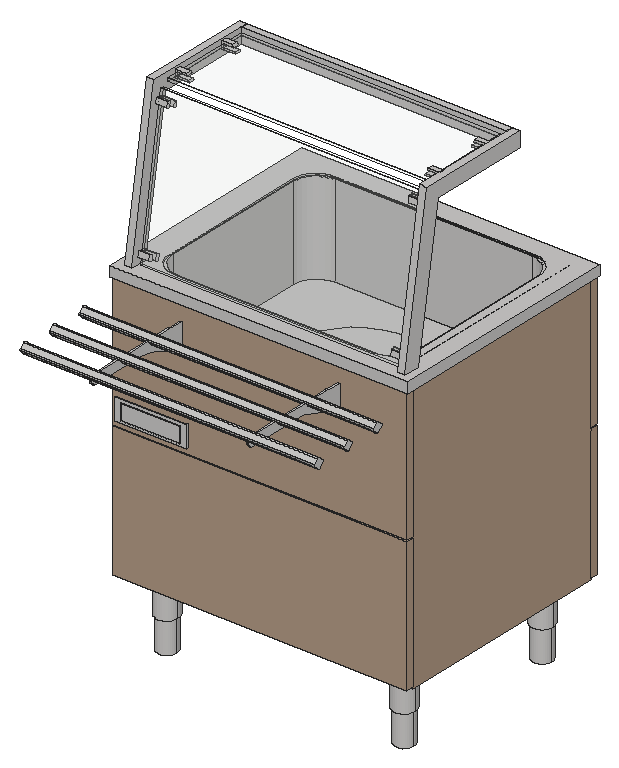
Revit family "QF_ELECTROLUXPROFESSIONAL_322081_F03H2AF01W", category Specialty Equipment, Revit 2018 (continued)
Automatic sketch dimensions
  curve 164 to curve 165 = 0 mm  (x2)
  curve 166 to curve 167 = 0 mm  (x2)
  curve 168 to curve 169 = 0 mm  (x2)
  curve 170 to curve 171 = 0 mm  (x2)
  curve 172 to curve 173 = 0 mm  (x2)
  curve 174 to curve 175 = 0 mm  (x2)
  curve 176 to curve 177 = 0 mm  (x2)
  curve 178 to curve 179 = 0 mm  (x2)
  curve 180 to curve 181 = 0 mm  (x2)
  curve 182 to curve 183 = 0 mm  (x2)
  curve 184 to curve 185 = 0 mm  (x2)
  curve 186 to curve 187 = 0 mm  (x2)
  curve 188 to curve 189 = 0 mm  (x2)
  curve 190 to curve 191 = 0 mm  (x2)
  curve 192 to curve 193 = 0 mm  (x2)
  curve 194 to curve 195 = 0 mm  (x2)
  curve 196 to curve 197 = 0 mm  (x2)
  curve 198 to curve 199 = 0 mm  (x2)
  curve 200 to curve 201 = 0 mm  (x2)
  curve 202 to curve 203 = 0 mm  (x2)
  curve 204 to curve 205 = 0 mm  (x2)
  curve 206 to curve 207 = 0 mm  (x2)
  curve 208 to curve 209 = 0 mm  (x2)
  curve 210 to curve 211 = 0 mm  (x2)
  curve 212 to curve 213 = 0 mm  (x2)
  curve 214 to curve 215 = 0 mm  (x2)
  curve 216 to curve 217 = 0 mm  (x2)
  curve 218 to curve 219 = 0 mm  (x2)
  curve 220 to curve 221 = 0 mm  (x2)
  curve 222 to curve 223 = 0 mm  (x2)
  curve 224 to curve 225 = 0 mm  (x2)
  curve 226 to curve 227 = 0 mm  (x2)
  curve 228 to curve 229 = 0 mm  (x2)
  curve 230 to curve 231 = 0 mm  (x2)
  curve 232 to curve 233 = 0 mm  (x2)
  curve 234 to curve 235 = 0 mm  (x2)
  plane 1 "Centro (Fronte/Retro)" to curve 139 = 0 mm
  plane 1 "Centro (Fronte/Retro)" to curve 136 = 0 mm
  plane 1 "Centro (Fronte/Retro)" to curve 135 = 0 mm
  plane 1 "Centro (Fronte/Retro)" to curve 98 = 0 mm
  curve 172 to plane 8 = 0 mm
  curve 100 to plane 8 = 0 mm
  curve 102 to plane 8 = 0 mm
  curve 99 to plane 8 = 0 mm
  curve 171 to plane 8 = 0 mm
  curve 104 to plane 8 = 0 mm
  curve 168 to plane 8 = 0 mm
  plane 1 "Centro (Fronte/Retro)" to curve 203 = 0 mm
  plane 1 "Centro (Fronte/Retro)" to curve 204 = 0 mm
  plane 1 "Centro (Fronte/Retro)" to curve 207 = 0 mm
  plane 8 to curve 145 = 7.654 mm
  plane 8 to curve 110 = 7.654 mm
  curve 142 to plane 39 = 1.555 mm
  plane 8 to curve 142 = 10.42 mm
  plane 38 to curve 109 = 1.555 mm
  plane 8 to curve 109 = 10.42 mm
  plane 36 to curve 141 = 3.821 mm
  plane 8 to curve 141 = 14.129 mm
  curve 106 to plane 37 = 3.821 mm
  plane 8 to curve 106 = 14.129 mm
  curve 113 to curve 110 = 6.488 mm
  curve 146 to curve 144 = 6.488 mm
  curve 132 to curve 112 = 4.335 mm
  curve 167 to curve 146 = 4.335 mm
  curve 134 to curve 166 = 1.522 mm
  plane 38 to curve 116 = 4.966 mm
  curve 116 to curve 108 = 9.668 mm
  curve 150 to plane 39 = 4.966 mm
  curve 150 to curve 142 = 9.668 mm
  curve 152 to plane 36 = 0.547 mm
  curve 152 to curve 140 = 13.754 mm
  plane 37 to curve 118 = 0.547 mm
  curve 118 to curve 106 = 13.754 mm
  curve 149 to curve 150 = 8.196 mm
  curve 114 to curve 116 = 8.196 mm
  curve 130 to curve 114 = 8.25 mm
  curve 165 to curve 148 = 8.25 mm
  curve 127 to plane 38 = 4.105 mm
  curve 127 to curve 118 = 10.401 mm
  plane 39 to curve 161 = 4.105 mm
  curve 161 to curve 152 = 10.401 mm
  curve 162 to curve 164 = 3.411 mm
  curve 128 to curve 130 = 3.411 mm
  curve 136 to curve 162 = 0.055 mm
  curve 159 to plane 39 = 3.706 mm
  curve 159 to curve 160 = 9.168 mm
  plane 38 to curve 125 = 3.706 mm
  curve 125 to curve 126 = 9.168 mm
  curve 157 to curve 158 = 7.5 mm
  curve 123 to curve 124 = 7.5 mm
  curve 120 to curve 122 = 4.368 mm
  curve 154 to curve 156 = 4.368 mm
  curve 139 to curve 154 = 0.679 mm
  curve 179 to plane 8 = 7.654 mm
  curve 213 to plane 8 = 7.654 mm
  curve 211 to plane 39 = 1.555 mm
  curve 211 to plane 8 = 10.42 mm
  plane 38 to curve 176 = 1.555 mm
  curve 176 to plane 8 = 10.42 mm
  curve 175 to plane 37 = 3.821 mm
  curve 175 to plane 8 = 14.129 mm
  plane 36 to curve 209 = 3.821 mm
  curve 209 to plane 8 = 14.129 mm
  curve 212 to curve 214 = 6.488 mm
  curve 178 to curve 180 = 6.488 mm
  curve 180 to curve 200 = 4.335 mm
  curve 214 to curve 234 = 4.335 mm
  curve 200 to curve 202 = 1.522 mm
  curve 219 to plane 39 = 4.966 mm
  curve 210 to curve 219 = 9.668 mm
  plane 38 to curve 184 = 4.966 mm
  curve 176 to curve 184 = 9.668 mm
  plane 37 to curve 187 = 0.547 mm
  curve 174 to curve 187 = 13.754 mm
  curve 221 to plane 36 = 0.547 mm
  curve 208 to curve 221 = 13.754 mm
  curve 218 to curve 217 = 8.196 mm
  curve 184 to curve 182 = 8.196 mm
  curve 216 to curve 233 = 8.25 mm
  curve 182 to curve 199 = 8.25 mm
  plane 39 to curve 229 = 4.105 mm
  curve 220 to curve 229 = 10.401 mm
  curve 195 to plane 38 = 4.105 mm
  curve 186 to curve 195 = 10.401 mm
  curve 232 to curve 231 = 3.411 mm
  curve 198 to curve 197 = 3.411 mm
  curve 196 to curve 205 = 0.055 mm
  curve 226 to plane 39 = 3.706 mm
  curve 228 to curve 226 = 9.168 mm
  plane 38 to curve 192 = 3.706 mm
  curve 194 to curve 192 = 9.168 mm
  curve 226 to curve 224 = 7.5 mm
  curve 192 to curve 191 = 7.5 mm
  curve 224 to curve 223 = 4.368 mm
  curve 190 to curve 188 = 4.368 mm
  curve 188 to curve 207 = 0.679 mm
  plane 36 to curve 173 = 4.5 mm
  curve 171 to plane 39 = 1.5 mm
  curve 218 to curve 216 = 8.25 mm
  curve 150 to curve 148 = 8.25 mm
  curve 158 to curve 157 = 9.91 mm
  curve 226 to curve 224 = 9.91 mm
  curve 149 to curve 165 = 8.196 mm
  curve 216 to curve 232 = 8.196 mm
  curve 168 to plane 1 "Centro (Fronte/Retro)" = 20 mm
  curve 169 to curve 213 = 1.522 mm
  curve 168 to curve 145 = 1.522 mm
  curve 212 to curve 214 = 4.335 mm
  curve 145 to curve 146 = 4.335 mm
  curve 224 to curve 223 = 13.754 mm
  curve 157 to curve 154 = 13.754 mm
  curve 165 to curve 163 = 9.668 mm
  curve 232 to curve 230 = 9.668 mm
  curve 146 to curve 166 = 6.488 mm
  curve 214 to curve 234 = 6.488 mm
  plane 1 "Centro (Fronte/Retro)" to curve 200 = 7.654 mm
  plane 1 "Centro (Fronte/Retro)" to curve 133 = 7.654 mm
  plane 1 "Centro (Fronte/Retro)" to curve 197 = 10.42 mm
  plane 1 "Centro (Fronte/Retro)" to curve 128 = 10.42 mm
  plane 1 "Centro (Fronte/Retro)" to curve 120 = 14.129 mm
  plane 1 "Centro (Fronte/Retro)" to curve 189 = 14.129 mm
  curve 132 to curve 113 = 6.488 mm
  curve 200 to curve 181 = 6.488 mm
  curve 180 to curve 178 = 4.335 mm
  curve 112 to curve 111 = 4.335 mm
  curve 178 to curve 100 = 1.522 mm
  curve 128 to curve 131 = 9.668 mm
  curve 196 to curve 198 = 9.668 mm
  curve 191 to curve 192 = 9.91 mm
  curve 122 to curve 124 = 9.91 mm
  curve 198 to curve 183 = 8.196 mm
  curve 130 to curve 114 = 8.196 mm
  plane 38 to curve 103 = 1.5 mm
  curve 105 to plane 37 = 4.5 mm
  plane 8 to curve 168 = 3 mm
  plane 8 to curve 100 = 3 mm
  plane 8 to curve 172 = 3 mm
  plane 8 to curve 99 = 3 mm
  plane 8 to curve 171 = 3 mm
  plane 8 to curve 102 = 3 mm
  plane 8 to curve 105 = 3 mm
  curve 111 to curve 101 = 1.654 mm
  curve 145 to curve 168 = 1.654 mm
  curve 142 to curve 142 = 3 mm
  curve 108 to curve 108 = 3 mm
  curve 106 to curve 107 = 3 mm
  curve 140 to curve 141 = 3 mm
  curve 112 to curve 113 = 3 mm
  curve 146 to curve 147 = 3 mm
  curve 132 to curve 132 = 3 mm
  curve 166 to curve 167 = 3 mm
  curve 134 to curve 135 = 3 mm
  curve 116 to curve 116 = 3 mm
  curve 150 to curve 151 = 3 mm
  curve 152 to curve 152 = 3 mm
  curve 118 to curve 119 = 3 mm
  curve 148 to curve 148 = 3 mm
  curve 114 to curve 115 = 3 mm
  curve 164 to curve 164 = 3 mm
  curve 130 to curve 131 = 3 mm
  curve 160 to curve 160 = 3 mm
  curve 126 to curve 127 = 3 mm
  curve 162 to curve 162 = 3 mm
  curve 128 to curve 129 = 3 mm
  curve 136 to curve 136 = 3 mm
  curve 124 to curve 125 = 3 mm
  curve 158 to curve 159 = 3 mm
  curve 156 to curve 156 = 3 mm
  curve 122 to curve 123 = 3 mm
  curve 120 to curve 121 = 3 mm
  curve 154 to curve 154 = 3 mm
  curve 138 to curve 138 = 3 mm
  curve 100 to curve 179 = 1.654 mm
  curve 169 to curve 213 = 1.654 mm
  curve 211 to curve 210 = 3 mm
  curve 176 to curve 176 = 3 mm
  curve 208 to curve 208 = 3 mm
  curve 174 to curve 174 = 3 mm
  curve 214 to curve 214 = 3 mm
  curve 181 to curve 180 = 3 mm
  curve 234 to curve 234 = 3 mm
  curve 201 to curve 200 = 3 mm
  curve 203 to curve 202 = 3 mm
  curve 219 to curve 218 = 3 mm
  curve 184 to curve 184 = 3 mm
  curve 186 to curve 186 = 3 mm
  curve 220 to curve 220 = 3 mm
  curve 183 to curve 182 = 3 mm
  curve 216 to curve 216 = 3 mm
  curve 198 to curve 198 = 3 mm
  curve 232 to curve 232 = 3 mm
  curve 228 to curve 228 = 3 mm
  curve 195 to curve 194 = 3 mm
  curve 231 to curve 230 = 3 mm
  curve 197 to curve 196 = 3 mm
  curve 204 to curve 204 = 3 mm
  curve 193 to curve 192 = 3 mm
  curve 227 to curve 226 = 3 mm
  curve 190 to curve 190 = 3 mm
  curve 225 to curve 224 = 3 mm
  curve 188 to curve 188 = 3 mm
  curve 223 to curve 222 = 3 mm
  curve 207 to curve 206 = 3 mm
  curve 247 to plane 7 "LEFT" = 0 mm
  curve 13 to plane 30 = 0 mm
  curve 27 to plane 33 = 0 mm
  curve 93 to plane 34 = 0 mm
  curve 67 to plane 34 = 0 mm
  curve 18 to plane 34 = 0 mm
  curve 6 to plane 34 = 0 mm
  curve 91 to plane 34 = 0 mm
  curve 95 to plane 3 "BACK" = 0 mm
  plane 1 "Centro (Fronte/Retro)" to curve 244 = 0 mm
  curve 246 to plane 8 = 0 mm
  curve 97 to plane 3 "BACK" = 0 mm
  curve 96 to plane 3 "BACK" = 0 mm
  curve 80 to plane 35 = 0 mm
  curve 19 to plane 35 = 0 mm
  curve 66 to plane 35 = 0 mm
  curve 20 to plane 35 = 0 mm
  curve 5 to plane 35 = 0 mm
  curve 79 to plane 32 = 0 mm
  curve 7 to plane 31 = 0 mm
  curve 3 to plane 3 "BACK" = 0 mm
  curve 248 to plane 6 "RIGHT" = 0 mm
  curve 248 to plane 10 = 0 mm
  curve 4 to plane 4 "FRONT" = 0 mm
  plane 36 to curve 19 = 0 mm
  curve 69 to plane 34 = 1 mm
  curve 37 to curve 48 = 1 mm
  curve 41 to plane 34 = 0 mm
  curve 239 to plane 16 = 8 mm
  curve 46 to plane 16 = 5.5 mm
  curve 73 to plane 16 = 5.5 mm
  curve 73 to plane 16 = 3.511 mm
  curve 37 to plane 16 = 3.5 mm
  curve 29 to plane 16 = 3.5 mm
  curve 30 to plane 16 = 3.5 mm
  plane 16 to curve 43 = 2.062 mm
  curve 237 to plane 40 = 19 mm
  curve 240 to plane 40 = 19 mm
  plane 29 to curve 96 = 9.281 mm
  plane 8 to curve 244 = 0.5 mm
  plane 41 to curve 236 = 26 mm
  plane 41 to curve 241 = 26 mm
  curve 95 to plane 3 "BACK" = 2 mm
  plane 41 to curve 95 = 4.966 mm
  curve 62 to plane 17 = 2.062 mm
  plane 17 to curve 25 = 3.5 mm
  plane 17 to curve 21 = 3.5 mm
  plane 17 to curve 64 = 3.5 mm
  plane 17 to curve 84 = 3.511 mm
  curve 54 to curve 51 = 2 mm
  curve 85 to curve 88 = 1.989 mm
  plane 17 to curve 243 = 8 mm
  plane 35 to curve 60 = 0 mm
  curve 94 to curve 82 = 1 mm
  plane 35 to curve 56 = 1 mm
  curve 13 to plane 24 = 2.344 mm
  curve 10 to plane 24 = 2.344 mm
  plane 24 to curve 87 = 13.819 mm
  plane 24 to curve 76 = 13.819 mm
  curve 75 to curve 73 = 2.431 mm
  curve 86 to curve 87 = 2.431 mm
  curve 84 to curve 85 = 2.493 mm
  curve 73 to curve 75 = 2.493 mm
  curve 78 to curve 71 = 4.924 mm
  curve 85 to curve 85 = 2.431 mm
  curve 71 to curve 69 = 9.848 mm
  curve 82 to curve 80 = 9.848 mm
  curve 241 to plane 15 = 32 mm
  plane 15 to curve 34 = 6.122 mm
  plane 15 to curve 52 = 6.122 mm
  curve 51 to curve 53 = 2.431 mm
  curve 33 to curve 46 = 2.431 mm
  curve 34 to curve 47 = 2.493 mm
  curve 52 to curve 54 = 2.493 mm
  curve 36 to curve 46 = 2.431 mm
  curve 54 to curve 64 = 2.431 mm
  curve 66 to curve 49 = 2.954 mm
  curve 93 to curve 38 = 6.894 mm
  curve 49 to curve 57 = 6.894 mm
  curve 57 to curve 50 = 1.229 mm
  curve 62 to curve 63 = 2.617 mm
  curve 44 to curve 45 = 2.617 mm
  curve 42 to curve 41 = 1.078 mm
  curve 60 to curve 60 = 1.078 mm
  curve 41 to curve 91 = 8.954 mm
  curve 91 to curve 29 = 32.796 mm
  curve 20 to curve 26 = 32.796 mm
  curve 28 to curve 27 = 14 mm
  curve 25 to curve 25 = 14 mm
  plane 1 "Centro (Fronte/Retro)" to curve 31 = 3 mm
  plane 1 "Centro (Fronte/Retro)" to curve 22 = 3 mm
  curve 30 to plane 1 "Centro (Fronte/Retro)" = 11 mm
  curve 21 to plane 1 "Centro (Fronte/Retro)" = 11 mm
  plane 36 to curve 7 = 26.023 mm
  curve 243 to plane 14 = 29 mm
  curve 96 to plane 9 = 11.101 mm
  curve 75 to curve 90 = 0.034 mm
  plane 16 to curve 45 = 0.999 mm
  curve 97 to plane 29 = 0.719 mm
  plane 29 to curve 244 = 51.5 mm
  plane 28 to curve 97 = 23.028 mm
  curve 96 to curve 95 = 6.005 mm
  curve 63 to plane 17 = 0.999 mm
  curve 70 to curve 69 = 2.431 mm
  curve 81 to curve 80 = 2.431 mm
  curve 80 to curve 79 = 4.924 mm
  curve 69 to curve 68 = 4.924 mm
  plane 15 to curve 15 = 3.892 mm
  curve 16 to curve 51 = 2.23 mm
  curve 40 to curve 39 = 2.431 mm
  curve 58 to curve 56 = 2.431 mm
  plane 36 to curve 11 = 6.023 mm
  curve 97 to curve 95 = 17.321 mm
  radius of Extrusion 26 sketch curve = 10 mm
  radius of Extrusion 27 sketch curve = 10 mm
Nested families
  nested 1: "Foot_Ø50_H150" at (-821.269, -148.263, 0), type "Foot_Ø50_H150"
  nested 2: "Foot_Ø50_H150" at (-207.269, -148.263, 0), type "Foot_Ø50_H150"
  nested 3: "Foot_Ø50_H150" at (-207.269, 297.737, 0), type "Foot_Ø50_H150"
  nested 4: "Foot_Ø50_H150" at (-821.269, 297.737, 0), type "Foot_Ø50_H150"
  nested 5: "Bain Marie Air Ventiled single well 770" at (0, 0, 0), type "Bain Marie Air Ventiled single well 770"
    with Show Clearance yes
  nested 6: "Controller_compact" at (-793.019, -231.263, 572.8) x (-1, 0, 0) z (0, -1, 0), type "Controller_compact"
  nested 7: "Sun" at (-309.269, -45.263, 0), type "Sun"
Connectors
  piping at (-832.269, 124.737, 166), diameter 20
    settings: on Extrusion 26, index 4, connector inside diameter 609.6 mm, connector length 0 mm, flow factor 0, pipe flow 0.0 L/s, pressure drop 0.0 Pa, fitting loss kfactor 0, connector angle 0.00°, fixture units 0, engagement length 0 mm, angle of deflection 0.00°, flow configuration 1, flow direction 2, fitting loss method 0, system type 16, joint type 0, gender type 0, connector reference index -1, connector utility 0, adjustable connector no, is connector primary yes, connector description ""
  electrical at (-832.269, 24.737, 166)
    settings: on Extrusion 27, index 6, voltage 0 V, apparent load 0 VA, apparent load phase1 0 VA, apparent load phase2 0 VA, apparent load phase3 0 VA, power factor 1, load classification "Other", number of poles 1, system type 31, power factor state 1, is connector primary yes, connector utility no, sub classification motor no, connector description ""
Definition of nested family "Foot_Ø50_H150"
  Reference planes
    plane 1 "Centro (Fronte/Retro)": y = 0
    plane 2: z = 0
    plane 3 "Centro (Sinistra/Destra)": x = 0
    plane 4: z = 178
  Forms (mm)
    Revolve 1, solid
      sketch origin (255.05, 0, 608.09) x (0, 0, 1) y (-1, 0, 0)
        loop
          line (-608.09, 255.05) -> (-608.09, 230.05) -> (-526.09, 230.05) -> (-526.09, 226.05) -> (-430.09, 226.05) -> (-430.09, 255.05) -> (-608.09, 255.05)
        axis (-608.09, 255.05) -> (-430.09, 255.05)
      angle from 0 to 360
  Dimensions and locks
    Revolve 1 sketch curve to Revolve 1 sketch curve = 96 mm
    aligned and locked: level to plane 2
    aligned and locked: plane 4 to Revolve 1 sketch curve
    aligned and locked: Revolve 1 sketch curve to level
    aligned and locked: plane 3 "Centro (Sinistra/Destra)" to Revolve 1 sketch curve
Definition of nested family "Bain Marie Air Ventiled single well 770"
  Parameters (values of type "Bain Marie Air Ventiled single well 770")
    Show Clearance [instance] = yes
  Reference planes
    plane 1 "Centro (Fronte/Retro)": y = 74.737
    plane 2: z = 0
    plane 3 "BACK": y = 384.737
    plane 4 "FRONT": y = -235.263
    plane 5 "RIGHT": x = -129.269
    plane 6 "LEFT": x = -899.269
    plane 7: x = -514.269
    plane 8 "TOP": z = 900
    plane 9: y = 352.737
    plane 10: y = -203.263
    plane 11: x = -176.269
    plane 12: x = -852.269
    plane 13: y = 329.737
    plane 14: y = -180.263
    plane 15: x = -829.269
    plane 16: x = -199.269
    plane 17: z = 898
    plane 18: z = 656.4
    plane 19: z = 659.4
    plane 20: z = 624.1
    plane 21: x = -346.269
    plane 22: y = 188.737
    plane 23: y = -39.263
    plane 24: x = -650.269
    plane 25 "1": y = 254.737
  Forms (mm)
    Extrusion 1, solid
      sketch origin (0, 0, 900) x (-1, 0, 0) y (0, -1, 0)
        loop
          line (176.269, -352.737) -> (852.269, -352.737) -> (852.269, 203.263) -> (176.269, 203.263) -> (176.269, -352.737)
      from -2 to -243.6
    Extrusion 2, void
      sketch origin (0, 0, 900) x (-1, 0, 0) y (0, -1, 0)
        loop
          line (829.269, -268.737) -> (829.269, 119.263)
          arc (829.269, 119.263) -> (811.402, 162.396) -> (768.269, 180.263) r 61
          line (768.269, 180.263) -> (260.269, 180.263)
          arc (260.269, 180.263) -> (217.135, 162.396) -> (199.269, 119.263) r 61
          line (199.269, 119.263) -> (199.269, -268.737)
          arc (199.269, -268.737) -> (217.135, -311.871) -> (260.269, -329.737) r 61
          line (260.269, -329.737) -> (768.269, -329.737)
          arc (768.269, -329.737) -> (811.402, -311.871) -> (829.269, -268.737) r 61
      from 0 to -240.6
    Extrusion 3, solid
      sketch origin (0, 0, 900) x (-1, 0, 0) y (0, -1, 0)
        loop
          line (650.269, -188.737) -> (650.269, 39.263) -> (346.269, 39.263) -> (346.269, -188.737) -> (650.269, -188.737)
      from -243.6 to -275.9
    Extrusion 4, solid
      sketch origin (0, 0, 900) x (-1, 0, 0) y (0, -1, 0)
        loop
          circle (513.769, -74.737) r 155
        loop
          circle (514.375, -74.737) r 3
        loop
          circle (534.375, -74.737) r 3
        loop
          circle (554.375, -74.737) r 3
        loop
          circle (574.375, -74.737) r 3
        loop
          circle (514.375, -54.737) r 3
        loop
          circle (514.375, -34.737) r 3
        loop
          circle (514.375, -14.737) r 3
        loop
          circle (528.517, -60.595) r 3
        loop
          circle (542.659, -46.453) r 3
        loop
          circle (552.659, -29.132) r 3
        loop
          circle (522.029, -56.259) r 3
        loop
          circle (532.852, -67.083) r 3
        loop
          circle (524.795, -34.792) r 3
        loop
          circle (528.504, -15.416) r 3
        loop
          circle (534.463, -38.203) r 3
        loop
          circle (542.258, -19.785) r 3
        loop
          circle (554.32, -64.317) r 3
        loop
          circle (573.696, -60.608) r 3
        loop
          circle (550.909, -54.649) r 3
        loop
          circle (569.327, -46.854) r 3
        loop
          circle (561.827, -36.943) r 3
        loop
          circle (528.517, -88.879) r 3
        loop
          circle (542.659, -103.021) r 3
        loop
          circle (552.659, -120.342) r 3
        loop
          circle (522.029, -93.215) r 3
        loop
          circle (532.852, -82.391) r 3
        loop
          circle (524.795, -114.682) r 3
        loop
          circle (528.504, -134.058) r 3
        loop
          circle (534.463, -111.271) r 3
        loop
          circle (542.258, -129.69) r 3
        loop
          circle (554.32, -85.157) r 3
        loop
          circle (573.696, -88.866) r 3
        loop
          circle (550.909, -94.825) r 3
        loop
          circle (569.327, -102.621) r 3
        loop
          circle (561.827, -112.531) r 3
        loop
          circle (514.375, -94.737) r 3
        loop
          circle (514.375, -114.737) r 3
        loop
          circle (514.375, -134.737) r 3
        loop
          circle (494.375, -74.737) r 3
        loop
          circle (474.375, -74.737) r 3
        loop
          circle (454.375, -74.737) r 3
        loop
          circle (500.233, -60.595) r 3
        loop
          circle (486.091, -46.453) r 3
        loop
          circle (476.091, -29.132) r 3
        loop
          circle (506.721, -56.259) r 3
        loop
          circle (495.897, -67.083) r 3
        loop
          circle (503.955, -34.792) r 3
        loop
          circle (500.246, -15.416) r 3
        loop
          circle (494.287, -38.203) r 3
        loop
          circle (486.491, -19.785) r 3
        loop
          circle (474.43, -64.317) r 3
        loop
          circle (455.054, -60.608) r 3
        loop
          circle (477.841, -54.649) r 3
        loop
          circle (459.422, -46.854) r 3
        loop
          circle (466.922, -36.943) r 3
        loop
          circle (500.233, -88.879) r 3
        loop
          circle (486.091, -103.021) r 3
        loop
          circle (476.091, -120.342) r 3
        loop
          circle (506.721, -93.215) r 3
        loop
          circle (495.897, -82.391) r 3
        loop
          circle (503.955, -114.682) r 3
        loop
          circle (500.246, -134.058) r 3
        loop
          circle (494.287, -111.271) r 3
        loop
          circle (486.491, -129.69) r 3
        loop
          circle (474.43, -85.157) r 3
        loop
          circle (455.054, -88.866) r 3
        loop
          circle (477.841, -94.825) r 3
        loop
          circle (459.422, -102.621) r 3
        loop
          circle (466.922, -112.531) r 3
      from -233.523 to -230.523
  Cuts and joins
    Extrusion 2 cuts Extrusion 1
  Dimensions and locks
    plane 6 "LEFT" to plane 5 "RIGHT" = 770 mm
    equal spacing: plane 3 "BACK", plane 1 "Centro (Fronte/Retro)", plane 4 "FRONT"
    plane 3 "BACK" to plane 4 "FRONT" = 620 mm
    equal spacing: plane 6 "LEFT", plane 7, plane 5 "RIGHT"
    locked: plane 8 "TOP" to plane 2 at 900
    locked: plane 6 "LEFT" to plane 12 at 47
    locked: plane 11 to plane 5 "RIGHT" at 47
    locked: plane 3 "BACK" to plane 9 at 32
    locked: plane 10 to plane 4 "FRONT" at 32
    locked: plane 3 "BACK" to plane 13 at 55
    locked: plane 14 to plane 4 "FRONT" at 55
    locked: plane 6 "LEFT" to plane 15 at 70
    locked: plane 16 to plane 5 "RIGHT" at 70
    locked: plane 8 "TOP" to plane 17 at 2
    locked: plane 8 "TOP" to plane 18 at 243.6
    locked: plane 19 to plane 18 at 3
    locked: plane 8 "TOP" to plane 20 at 275.9
    plane 21 to plane 11 = 170 mm
    locked: plane 9 to plane 22 at 164
    locked: plane 23 to plane 10 at 164
    plane 12 to plane 24 = 202 mm
    plane 13 to plane 14 = 510 mm
    plane 15 to plane 16 = 630 mm
    plane 11 to plane 12 = 676 mm
    plane 10 to plane 9 = 556 mm
    aligned and locked: level to plane 2
    aligned and locked: plane 9 to Extrusion 1 sketch curve
    aligned and locked: plane 11 to Extrusion 1 sketch curve
    aligned and locked: Extrusion 1 sketch curve to plane 10
    aligned and locked: Extrusion 1 sketch curve to plane 12
    aligned and locked: Extrusion 1 to plane 18
    aligned and locked: Extrusion 2 to plane 19
    aligned and locked: Extrusion 3 sketch curve to plane 22
    aligned and locked: plane 23 to Extrusion 3 sketch curve
    aligned and locked: Extrusion 3 sketch curve to plane 21
    aligned and locked: Extrusion 3 to plane 20
    aligned and locked: plane 18 to Extrusion 3
    aligned and locked: Extrusion 3 to plane 24
  Automatic sketch dimensions
    plane 25 "1" to Extrusion 2 sketch curve = 14 mm  (x2)
    Extrusion 2 sketch curve to Extrusion 2 sketch curve = 61 mm
    plane 15 to Extrusion 2 sketch curve = 61 mm
    Extrusion 3 sketch curve to plane 24 = 0 mm
    plane 1 "Centro (Fronte/Retro)" to Extrusion 4 sketch curve = 0 mm  (x8)
    Extrusion 4 sketch curve to Extrusion 4 sketch curve = 1.522 mm  (x5)
    Extrusion 4 sketch curve to Extrusion 4 sketch curve = 4.335 mm  (x8)
    plane 7 to Extrusion 4 sketch curve = 7.547 mm  (x2)
    plane 7 to Extrusion 4 sketch curve = 0.5 mm
    Extrusion 4 sketch curve to plane 7 = 0.106 mm  (x7)
    Extrusion 4 sketch curve to plane 7 = 7.76 mm  (x2)
    Extrusion 4 sketch curve to Extrusion 4 sketch curve = 6.488 mm  (x6)
    Extrusion 4 sketch curve to plane 1 "Centro (Fronte/Retro)" = 7.654 mm  (x2)
    plane 1 "Centro (Fronte/Retro)" to Extrusion 4 sketch curve = 7.654 mm  (x2)
    Extrusion 4 sketch curve to Extrusion 4 sketch curve = 3.411 mm  (x8)
    Extrusion 4 sketch curve to Extrusion 4 sketch curve = 0.055 mm  (x5)
    plane 1 "Centro (Fronte/Retro)" to Extrusion 4 sketch curve = 10.42 mm  (x2)
    Extrusion 4 sketch curve to Extrusion 4 sketch curve = 19.394 mm
    Extrusion 4 sketch curve to Extrusion 4 sketch curve = 10.42 mm  (x2)
    Extrusion 4 sketch curve to Extrusion 4 sketch curve = 9.668 mm  (x8)
    Extrusion 4 sketch curve to Extrusion 4 sketch curve = 8.196 mm  (x8)
    Extrusion 4 sketch curve to Extrusion 4 sketch curve = 8.25 mm  (x8)
    Extrusion 4 sketch curve to Extrusion 4 sketch curve = 14.142 mm  (x2)
    Extrusion 4 sketch curve to Extrusion 4 sketch curve = 20 mm
    Extrusion 4 sketch curve to Extrusion 4 sketch curve = 0.679 mm  (x6)
    Extrusion 4 sketch curve to Extrusion 4 sketch curve = 17.321 mm  (x2)
    Extrusion 4 sketch curve to Extrusion 4 sketch curve = 9.348 mm  (x4)
    Extrusion 4 sketch curve to Extrusion 4 sketch curve = 9.91 mm  (x4)
    Extrusion 4 sketch curve to Extrusion 4 sketch curve = 7.811 mm  (x4)
    plane 1 "Centro (Fronte/Retro)" to Extrusion 4 sketch curve = 14.129 mm  (x2)
    Extrusion 4 sketch curve to Extrusion 4 sketch curve = 10.918 mm  (x2)
    Extrusion 4 sketch curve to Extrusion 4 sketch curve = 7.5 mm  (x4)
    Extrusion 4 sketch curve to Extrusion 4 sketch curve = 4.368 mm  (x6)
    Extrusion 4 sketch curve to Extrusion 4 sketch curve = 9.168 mm  (x4)
    Extrusion 4 sketch curve to Extrusion 4 sketch curve = 10.401 mm  (x4)
    plane 7 to Extrusion 4 sketch curve = 14.023 mm  (x2)
    Extrusion 4 sketch curve to Extrusion 4 sketch curve = 14.129 mm  (x2)
    Extrusion 4 sketch curve to Extrusion 4 sketch curve = 13.754 mm  (x4)
    Extrusion 4 sketch curve to plane 1 "Centro (Fronte/Retro)" = 14.129 mm  (x2)
    Extrusion 2 sketch curve to plane 16 = 0 mm
    Extrusion 2 sketch curve to plane 13 = 0 mm
    Extrusion 2 sketch curve to plane 15 = 0 mm
    Extrusion 2 sketch curve to plane 14 = 0 mm
    radius of Extrusion 4 sketch curve = 155 mm
    radius of Extrusion 4 sketch curve = 3 mm  (x69)
Definition of nested family "Controller_compact"
  Parameters
    Default Elevation = 1219.2 mm
  Reference planes
    plane 1 "Center (Front/Back)": y = 0
    plane 2: z = 0
    plane 3 "Center (Left/Right)": x = 0
    plane 4: x = -76
    plane 5: x = 76
    plane 6: y = -21
    plane 7: y = 21
    plane 8: x = -92.25
    plane 9: x = 92.25
    plane 10: y = -27.2
    plane 11: y = 27.2
  Forms (mm)
    Extrusion 1, solid
      sketch origin (0, 0, 0) x (1, 0, 0) y (0, 1, 0)
        loop
          line (-1219.2, 1219.2) -> (-1219.2, -1219.2) -> (1219.2, -1219.2) -> (1219.2, 1219.2) -> (-1219.2, 1219.2)
      from 0 to -304.8
    Extrusion 2, solid
      sketch origin (0, 0, 0) x (1, 0, 0) y (0, 1, 0)
        loop
          line (-76, 21) -> (-76, -21) -> (76, -21) -> (76, 21) -> (-76, 21)
      from 0 to 5
    Extrusion 3, solid
      sketch origin (0, 0, 0) x (1, 0, 0) y (0, 1, 0)
        loop
          line (-92.25, 27.2) -> (-92.25, -27.2) -> (92.25, -27.2) -> (92.25, 27.2) -> (-92.25, 27.2)
        loop
          line (-76, 21) -> (-76, -21) -> (76, -21) -> (76, 21) -> (-76, 21)
      from 0 to 5
  Lines and regions (mm)
    Split face 1
      outline origin (-14, 0, 5) x (1, 0, 0) y (0, 1, 0)
        loop
          line (-36, 10) -> (-36, -10) -> (-16, -10) -> (-16, 10) -> (-36, 10)
    Split face 2
      outline origin (26, 0, 5) x (1, 0, 0) y (0, 1, 0)
        loop
          line (-36, 10) -> (-36, -10) -> (-16, -10) -> (-16, 10) -> (-36, 10)
    Split face 3
      outline origin (98.5, 0, 5) x (1, 0, 0) y (0, 1, 0)
        loop
          line (-68.5, 10) -> (-68.5, -10) -> (-48.5, -10) -> (-48.5, 10) -> (-68.5, 10)
  Dimensions and locks
    equal spacing: plane 4, plane 3 "Center (Left/Right)", plane 5
    equal spacing: plane 7, plane 1 "Center (Front/Back)", plane 6
    plane 7 to plane 6 = 42 mm
    plane 4 to plane 5 = 152 mm
    equal spacing: plane 8, plane 3 "Center (Left/Right)", plane 9
    plane 8 to plane 9 = 184.5 mm
    equal spacing: plane 11, plane 1 "Center (Front/Back)", plane 10
    plane 11 to plane 10 = 54.4 mm
    aligned and locked: plane 2 to Extrusion 1
    aligned and locked: level to Extrusion 1
    aligned and locked: Extrusion 2 sketch curve to plane 7
    aligned and locked: plane 4 to Extrusion 2 sketch curve
    aligned and locked: plane 6 to Extrusion 2 sketch curve
    aligned and locked: Extrusion 2 sketch curve to plane 5
    aligned and locked: Extrusion 3 sketch curve to plane 11
    aligned and locked: plane 8 to Extrusion 3 sketch curve
    aligned and locked: plane 10 to Extrusion 3 sketch curve
    aligned and locked: Extrusion 3 sketch curve to plane 9
    aligned and locked: Extrusion 3 sketch curve to Extrusion 2  (x4)
    aligned and locked: Extrusion 3 to Extrusion 2
  Automatic sketch dimensions
    Extrusion 1 sketch curve to Extrusion 1 sketch curve = 2438.4 mm  (x2)
    Split face 1 sketch curve to Extrusion 2 = 11 mm  (x2)
    Split face 1 sketch curve to Extrusion 2 = 26 mm
    Split face 1 sketch curve to Split face 1 sketch curve = 20 mm
    Split face 2 sketch curve to Extrusion 2 = 11 mm  (x2)
    Split face 2 sketch curve to Extrusion 2 = 66 mm
    Split face 2 sketch curve to Split face 2 sketch curve = 20 mm
    Split face 3 sketch curve to Extrusion 2 = 11 mm  (x2)
    Split face 3 sketch curve to Extrusion 2 = 46 mm
    Split face 3 sketch curve to Split face 3 sketch curve = 20 mm
Definition of nested family "Sun"
  Reference planes
    plane 1 "Center (Front/Back)": y = 0
    plane 2: z = 0
    plane 3 "Center (Left/Right)": x = 0
  Lines and regions (mm)
    detail lines, in view "Ref. Level"
      curve 1: circle (0, 0, 0) r 35 normal (0, 0, 1)
      curve 2: line (-18, 31.177, 0) -> (-30, 51.962, 0)
      curve 3: line (0, 36, 0) -> (0, 60, 0)
      curve 4: line (18, 31.177, 0) -> (30, 51.962, 0)
      curve 5: line (31.177, 18, 0) -> (51.962, 30, 0)
      curve 6: line (36, 0, 0) -> (60, 0, 0)
      curve 7: line (31.177, -18, 0) -> (51.962, -30, 0)
      curve 8: line (18, -31.177, 0) -> (30, -51.962, 0)
      curve 9: line (0, -36, 0) -> (0, -60, 0)
      curve 10: line (-18, -31.177, 0) -> (-30, -51.962, 0)
      curve 11: line (-31.177, -18, 0) -> (-51.962, -30, 0)
      curve 12: line (-36, 0, 0) -> (-60, 0, 0)
      curve 13: line (-31.177, 18, 0) -> (-51.962, 30, 0)
Types (2, lengths in mm): name | URL | Manufacturer | Phase | Model | Description
  (no name) | 0 | 0 | 0 | 0 | 0
  Standard | "http://professional.electrolux.com" | "Electrolux Professional" | 1 | "F03H2AF01W" | "BAIN-MARIE AIR,VENTILATED, 2GN H=900MM OVERSHELF W/LED LIGHTS"
